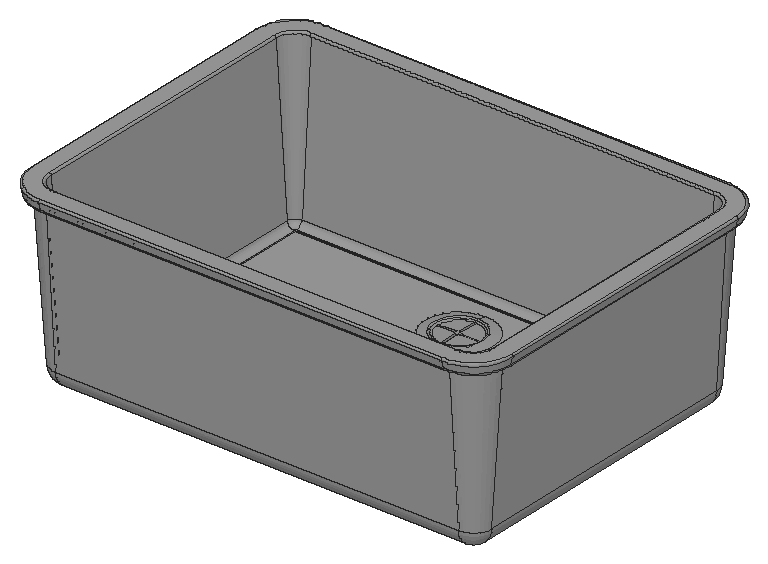
Revit family "Sink_Himacs_CS449RS", category Plumbing Fixtures, Revit 2014
Parameters
  Youtube clip = ""
  Width = 489 mm
  Weight Net (Kg) = "9,15"
  Uniclass 2.0 Description = "Wash Basin Systems"
  Uniclass 2.0 Code = "SS-35-65-70-94"
  Uniclass 1.4 Description = "Washbasins"
  Uniclass 1.4 Code = "L7212"
  UNSPSC Code = "301815"
  Technical description = "http://himacs.eu/includes/pdf/LG_Hausys_sinks_technical_datasheet_2014.pdf"
  Region South America = "None"
  Region Oceania = "None"
  Region North America = "None"
  Region Middle East = "None"
  Region Europe = "AT, BE, BG, CH, CS, CY, CZ, DE, DK, EE, ES, FI, FR, GB, GR, HR, HU, IE, IT, LI, LT, LU, LV, MC, MT, NL, NO, PL, PT, RO, RS, SE, SK, UA"
  Region Asia = "None"
  Region Antarctica = "None"
  Region Africa = "None"
  QR code = "http://himacs.bimobject.com/CS449RS"
  Product group = "Sinks"
  Product family = "Sinks, Baby Baths & Bowls"
  Product data url = "http://himacs.eu/product/cs449rs"
  Product certification = ""
  Product SKU = "CS449RS"
  Nominal width = "489"
  Nominal height = "184"
  NBS Reference Description = "Wash Basin Systems"
  NBS Reference Code = "35-65-70-94"
  Material Secondary = Steel_Himacs_CS449RS_Polished
  Material Main = Natural Acrylic stone_Himacs_CS449RS_S201 Nougat Cream
  Manufacturer name = "HI-MACS"
  Manufacturer country = "Italy"
  Manufacturer URL = "http://himacs.eu"
  Installation instructions = "http://himacs.eu/includes/pdf/HI-MACS_Shape-Installation_UK.pdf"
  IFC Classification = "Furnishing Element"
  Height = 184 mm
  Edition number = "1"
  EAN code = ""
  Design country = "Italy"
  Description = "HI-MACS@ Sinks are produced using a high-quality casting technique. No matter which product you choose from our extensive, eminently combinable selection, all sinks are flush-mounted into the countertop or installed below the surface. Special custom-made creations are also an option."
  Depth = 365 mm
  Date of publishing = "2014-10-09"
  COBIe Type Category = ""
  BIMobject category = "Sanitary"
Reference planes
  plane 1 "Center (Front/Back)": y = 0
  plane 2: z = 0
  plane 3 "Center (Left/Right)": x = 0
  plane 4: x = -244.5
  plane 5: x = 244.5
  plane 6: y = 182.5
  plane 7: y = -182.5
  plane 8: z = 184
Dimensions and locks
  equal spacing: plane 4, plane 3 "Center (Left/Right)", plane 5
  "Width": plane 4 to plane 5
  equal spacing: plane 6, plane 1 "Center (Front/Back)", plane 7
  "Depth": plane 6 to plane 7
  "Height": plane 8 to level
  aligned and locked: level to plane 2
Nested families
  nested 1: "CS449RS" at (0, 0, 0), type "CS449RS"
Definition of nested family "CS449RS"
  Parameters (values of type "CS449RS")
    Youtube clip = ""
    Width = 489 mm
    Weight Net (Kg) = "9,15"
    Uniclass 2.0 Description = "Wash Basin Systems"
    Uniclass 2.0 Code = "SS-35-65-70-94"
    Uniclass 1.4 Description = "Washbasins"
    Uniclass 1.4 Code = "L7212"
    UNSPSC Code = "301815"
    Technical description = "http://himacs.eu/includes/pdf/LG_Hausys_sinks_technical_datasheet_2014.pdf"
    Region South America = "None"
    Region Oceania = "None"
    Region North America = "None"
    Region Middle East = "None"
    Region Europe = "AT, BE, BG, CH, CS, CY, CZ, DE, DK, EE, ES, FI, FR, GB, GR, HR, HU, IE, IT, LI, LT, LU, LV, MC, MT, NL, NO, PL, PT, RO, RS, SE, SK, UA"
    Region Asia = "None"
    Region Antarctica = "None"
    Region Africa = "None"
    QR code = "http://himacs.bimobject.com/CS449RS"
    Product group = "Sinks"
    Product family = "Sinks, Baby Baths & Bowls"
    Product data url = "http://himacs.bimobject.com/CS449RS"
    Product certification = ""
    Product SKU = "CS449RS"
    Nominal width = "489"
    Nominal height = "184"
    NBS Reference Description = "Wash Basin Systems"
    NBS Reference Code = "35-65-70-94"
    Material Secondary = Steel_Himacs_CS449RS_Polished
    Material Main = Natural Acrylic stone_Himacs_CS449RS_S201 Nougat Cream
    Manufacturer name = "HI-MACS"
    Manufacturer country = "Italy"
    Installation instructions = "http://himacs.eu/includes/pdf/HI-MACS_Shape-Installation_UK.pdf"
    IFC Classification = "Furnishing Element"
    Height = 184 mm
    Edition number = "1"
    EAN code = ""
    Design country = "Italy"
    Depth = "365"
    Date of publishing = "2014-10-09"
    COBIe Type Category = ""
    BIMobject category = "Sanitary"
  Reference planes
    plane 1 "Center (Front/Back)": y = 0
    plane 2: z = 0
    plane 3 "Center (Left/Right)": x = 0
    plane 4: x = -244.5
    plane 5: x = 244.5
    plane 6: y = 182.5
    plane 7: y = -182.5
    plane 8: z = 184
  Forms (mm)
    Sweep 1, solid, material "Natural Acrylic stone_Himacs_CS449RS_S201 Nougat Cream" <- "Material Main", detail levels fine
      path origin (0, 0, -56.002) x (1, 0, 0) y (0, 1, 0)
        loop
          arc (-204.5, 182.5) -> (-232.784, 170.784) -> (-244.5, 142.5) r 40
          line (-244.5, 142.5) -> (-244.5, -142.5)
          arc (-244.5, -142.5) -> (-232.784, -170.784) -> (-204.5, -182.5) r 40
          line (-204.5, -182.5) -> (204.5, -182.5)
          arc (204.5, -182.5) -> (232.784, -170.784) -> (244.5, -142.5) r 40
          line (244.5, -142.5) -> (244.5, 142.5)
          arc (244.5, 142.5) -> (232.784, 170.784) -> (204.5, 182.5) r 40
          line (204.5, 182.5) -> (-204.5, 182.5)
      profile origin (0, 182.5, -56.002) x (0, 1, 0) y (0, 0, 1)
        loop
          line (-1.664, 240.002) -> (-18.151, 240.002)
          arc (-18.151, 240.002) -> (-19.515, 239.465) -> (-20.146, 238.142) r 2
          line (-20.146, 238.142) -> (-31.441, 76.616)
          arc (-31.441, 76.616) -> (-33.685, 71.912) -> (-38.533, 70.002) r 7.109
          line (-38.533, 70.002) -> (-39.943, 70.002) -> (-39.943, 56.022)
          arc (-39.943, 56.022) -> (-26.864, 61.679) -> (-20.872, 74.607) r 20
          line (-20.872, 74.607) -> (-10.295, 225.856)
          arc (-10.295, 225.856) -> (-9.349, 227.841) -> (-7.303, 228.647) r 3
          line (-7.303, 228.647) -> (-4.024, 228.647)
          arc (-4.024, 228.647) -> (-2.806, 229.06) -> (-2.092, 230.13) r 2
          line (-2.092, 230.13) -> (-0.021, 237.86)
          arc (-0.021, 237.86) -> (-0.314, 239.337) -> (-1.664, 240.002) r 1.702
    Extrusion 2, void
      sketch origin (0, -26.25, 0) x (1, 0, 0) y (0, 1, 0)
        loop
          circle (0.004, 120.574) r 25
      from -4.639 to 24.113
    Extrusion 3, void
      sketch origin (0, -22.5, 0) x (1, 0, 0) y (0, 1, 0)
        loop
          line (-20.928, 118.294) -> (-20.928, 115.713) -> (-2.928, 115.713) -> (-2.928, 118.294) -> (-20.928, 118.294)
        loop
          line (20.555, 118.294) -> (2.555, 118.294) -> (2.555, 115.713) -> (20.555, 115.713) -> (20.555, 118.294)
        loop
          line (1.104, 138.057) -> (-1.477, 138.057) -> (-1.477, 120.057) -> (1.104, 120.057) -> (1.104, 138.057)
        loop
          line (1.104, 96.262) -> (1.104, 114.262) -> (-1.477, 114.262) -> (-1.477, 96.262) -> (1.104, 96.262)
      from -5.751 to 18
    Extrusion 4, solid, material "Natural Acrylic stone_Himacs_CS449RS_S201 Nougat Cream" <- "Material Main", detail levels fine
      sketch origin (0, 0, 0) x (1, 0, 0) y (0, 1, 0)
        loop
          line (-204.557, 142.557) -> (-204.557, -142.557) -> (204.557, -142.557) -> (204.557, 142.557) -> (-204.557, 142.557)
      from 0 to 14
    Revolve 5, solid, material "Steel_Himacs_CS449RS_Polished" <- "Material Secondary", detail levels fine
      sketch origin (0, 0, 0) x (0, 1, 0) y (0, 0, 1)
        loop
          line (94.324, 11.805) -> (94.324, 14) -> (72.721, 14)
          arc (72.721, 14) -> (71.82, 14.214) -> (71.112, 14.811) r 2
          arc (71.112, 14.811) -> (70.324, 15.45) -> (69.324, 15.627) r 2.028
          arc (69.324, 15.627) -> (64.52, 15.031) -> (59.79, 14) r 53.074
          line (59.79, 14) -> (69.324, 14) -> (69.324, 0) -> (63.196, 0)
          arc (63.196, 0) -> (66.549, -1.238) -> (70.012, -2.121) r 34.407
          arc (70.012, -2.121) -> (70.576, -1.98) -> (70.825, -1.455) r 0.679
          line (70.825, -1.455) -> (70.825, 10.915)
          arc (70.825, 10.915) -> (71.085, 11.544) -> (71.715, 11.805) r 0.89
          line (71.715, 11.805) -> (94.324, 11.805)
        axis (94.324, 15.627) -> (94.324, -2.121)
      angle from 0 to 360
    Extrusion 6, solid, detail levels coarse
      sketch origin (0, 0, 0) x (1, 0, 0) y (0, 1, 0)
        loop
          arc (-244.5, -142.5) -> (-232.784, -170.784) -> (-204.5, -182.5) r 40
          line (-204.5, -182.5) -> (204.5, -182.5)
          arc (204.5, -182.5) -> (232.784, -170.784) -> (244.5, -142.5) r 40
          line (244.5, -142.5) -> (244.5, 142.5)
          arc (244.5, 142.5) -> (232.784, 170.784) -> (204.5, 182.5) r 40
          line (204.5, 182.5) -> (-204.5, 182.5)
          arc (-204.5, 182.5) -> (-232.784, 170.784) -> (-244.5, 142.5) r 40
          line (-244.5, 142.5) -> (-244.5, -142.5)
      from 0 to 187.357
    Sweep 7, solid, detail levels medium
      path origin (0, 0, 0) x (1, 0, 0) y (0, 1, 0)
        loop
          arc (-204.5, 182.5) -> (-232.784, 170.784) -> (-244.5, 142.5) r 40
          line (-244.5, 142.5) -> (-244.5, -142.5)
          arc (-244.5, -142.5) -> (-232.784, -170.784) -> (-204.5, -182.5) r 40
          line (-204.5, -182.5) -> (204.5, -182.5)
          arc (204.5, -182.5) -> (232.784, -170.784) -> (244.5, -142.5) r 40
          line (244.5, -142.5) -> (244.5, 142.5)
          arc (244.5, 142.5) -> (232.784, 170.784) -> (204.5, 182.5) r 40
          line (204.5, 182.5) -> (-204.5, 182.5)
      profile origin (0, 182.5, 0) x (0, 1, 0) y (0, 0, 1)
        loop
          arc (-21.947, 0) -> (-6.428, 6.428) -> (0, 21.947) r 21.947
          line (0, 21.947) -> (0, 169)
          arc (0, 169) -> (-4.393, 179.607) -> (-15, 184) r 15
          line (-15, 184) -> (-18.274, 184)
          arc (-18.274, 184) -> (-23.401, 181.876) -> (-25.525, 176.749) r 7.251
          line (-25.525, 176.749) -> (-25.525, 0) -> (-21.947, 0)
    Extrusion 8, solid, detail levels medium
      sketch origin (0, 0, 0) x (1, 0, 0) y (0, 1, 0)
        loop
          arc (-204.5, 156.975) -> (-214.735, 152.735) -> (-218.975, 142.5) r 14.475
          line (-218.975, 142.5) -> (-218.975, -142.5)
          arc (-218.975, -142.5) -> (-214.735, -152.735) -> (-204.5, -156.975) r 14.475
          line (-204.5, -156.975) -> (204.5, -156.975)
          arc (204.5, -156.975) -> (214.735, -152.735) -> (218.975, -142.5) r 14.475
          line (218.975, -142.5) -> (218.975, 142.5)
          arc (218.975, 142.5) -> (214.735, 152.735) -> (204.5, 156.975) r 14.475
          line (204.5, 156.975) -> (-204.5, 156.975)
      from 0 to 14
  Cuts and joins
    Extrusion 2 cuts Extrusion 4
    Extrusion 3 cuts Revolve 5
  Lines and regions (mm)
    symbolic lines
      curve 1: line (0, 180.923, 184) -> (0, -180.923, 184)
      curve 2: line (0, 182.47, 181.997) -> (0, 180.437, 174.217)
      curve 3: line (0, 178.409, 172.651) -> (0, 175.312, 172.651)
      curve 4: line (0, 172.136, 169.689) -> (0, 161.571, 18.605)
      curve 5: line (0, 141.62, 0) -> (0, 125.452, 0)
      curve 6: arc (0, 125.452, 0) -> (0, 122.01, -1.277) -> (0, 118.442, -2.143) r 31.47
      curve 7: line (0, 118.442, -2.143) -> (0, 70.316, -2.143)
      curve 8: arc (0, 70.316, -2.143) -> (0, 66.687, -1.3) -> (0, 63.196, 0) r 29.075
      curve 9: line (0, 63.196, 0) -> (0, -141.62, 0)
      curve 10: arc (0, 161.571, 18.605) -> (0, 155.26, 5.373) -> (0, 141.62, 0) r 20
      curve 11: arc (0, 175.312, 172.651) -> (0, 173.141, 171.795) -> (0, 172.136, 169.689) r 3.184
      curve 12: arc (0, 180.437, 174.217) -> (0, 179.691, 173.088) -> (0, 178.409, 172.651) r 2.097
      curve 13: arc (0, 180.923, 184) -> (0, 182.189, 183.378) -> (0, 182.47, 181.997) r 1.599
      curve 14: line (0, -182.47, 181.997) -> (0, -180.437, 174.217)
      curve 15: line (0, -178.409, 172.651) -> (0, -175.312, 172.651)
      curve 16: line (0, -172.136, 169.689) -> (0, -161.571, 18.605)
      curve 17: arc (0, -161.571, 18.605) -> (0, -155.26, 5.373) -> (0, -141.62, 0) r 20
      curve 18: arc (0, -175.312, 172.651) -> (0, -173.141, 171.795) -> (0, -172.136, 169.689) r 3.184
      curve 19: arc (0, -180.437, 174.217) -> (0, -179.691, 173.088) -> (0, -178.409, 172.651) r 2.097
      curve 20: arc (0, -180.923, 184) -> (0, -182.189, 183.378) -> (0, -182.47, 181.997) r 1.599
      curve 23: line (-204.5, 182.5, 0) -> (204.5, 182.5, 0)
      curve 24: line (-244.5, -142.5, 0) -> (-244.5, 142.5, 0)
      curve 25: line (204.5, -182.5, 0) -> (-204.5, -182.5, 0)
      curve 26: line (244.5, 142.5, 0) -> (244.5, -142.5, 0)
      curve 27: arc (-244.5, 142.5, 0) -> (-232.784, 170.784, 0) -> (-204.5, 182.5, 0) r 40
      curve 28: arc (-244.5, -142.5, 0) -> (-232.784, -170.784, 0) -> (-204.5, -182.5, 0) r 40
      curve 29: arc (204.5, -182.5, 0) -> (232.784, -170.784, 0) -> (244.5, -142.5, 0) r 40
      curve 30: arc (204.5, 182.5, 0) -> (232.784, 170.784, 0) -> (244.5, 142.5, 0) r 40
      curve 39: arc (0, 128.858, 0) -> (34.534, 94.324, 0) -> (0, 59.79, 0) r 34.534
      curve 40: arc (0, 59.79, 0) -> (-34.534, 94.324, 0) -> (0, 128.858, 0) r 34.534
      curve 59: line (-242.903, 0, 184) -> (242.903, 0, 184)
      curve 60: line (242.409, 0, 174.166) -> (244.49, 0, 181.931)
      curve 61: line (237.059, 0, 172.621) -> (240.397, 0, 172.621)
      curve 62: line (234.249, 0, 170.001) -> (223.662, 0, 18.605)
      curve 63: line (31.128, 0, 0) -> (203.711, 0, 0)
      curve 64: arc (203.711, 0, 0) -> (217.351, 0, 5.373) -> (223.662, 0, 18.605) r 20
      curve 65: arc (234.249, 0, 170.001) -> (235.138, 0, 171.865) -> (237.059, 0, 172.621) r 2.817
      curve 66: arc (240.397, 0, 172.621) -> (241.665, 0, 173.052) -> (242.409, 0, 174.166) r 2.083
      curve 67: arc (242.903, 0, 184) -> (244.206, 0, 183.357) -> (244.49, 0, 181.931) r 1.643
      curve 68: line (-242.409, 0, 174.166) -> (-244.49, 0, 181.931)
      curve 69: line (-237.059, 0, 172.621) -> (-240.397, 0, 172.621)
      curve 70: line (-234.249, 0, 170.001) -> (-223.662, 0, 18.605)
      curve 71: arc (-203.711, 0, 0) -> (-217.351, 0, 5.373) -> (-223.662, 0, 18.605) r 20
      curve 72: arc (-234.249, 0, 170.001) -> (-235.138, 0, 171.865) -> (-237.059, 0, 172.621) r 2.817
      curve 73: arc (-240.397, 0, 172.621) -> (-241.665, 0, 173.052) -> (-242.409, 0, 174.166) r 2.083
      curve 74: arc (-242.903, 0, 184) -> (-244.206, 0, 183.357) -> (-244.49, 0, 181.931) r 1.643
      curve 75: line (-31.128, 0, 0) -> (-203.711, 0, 0)
      curve 76: arc (-24.331, 0, -2.136) -> (-27.787, 0, -1.249) -> (-31.128, 0, 0) r 33.519
      curve 77: line (-24.331, 0, -2.136) -> (24.308, 0, -2.136)
      curve 78: arc (24.308, 0, -2.136) -> (27.766, 0, -1.221) -> (31.128, 0, 0) r 39.987
    symbolic lines, detail levels fine
      curve 21: line (0, 63.196, 0) -> (0, 125.452, 0)
      curve 43: line (-20.928, 95.794, 0) -> (-2.928, 95.794, 0)
      curve 44: line (-2.928, 95.794, 0) -> (-2.928, 93.213, 0)
      curve 45: line (-2.928, 93.213, 0) -> (-20.928, 93.213, 0)
      curve 46: line (-20.928, 93.213, 0) -> (-20.928, 95.794, 0)
      curve 47: line (2.555, 95.794, 0) -> (20.555, 95.794, 0)
      curve 48: line (20.555, 95.794, 0) -> (20.555, 93.213, 0)
      curve 49: line (20.555, 93.213, 0) -> (2.555, 93.213, 0)
      curve 50: line (2.555, 93.213, 0) -> (2.555, 95.794, 0)
      curve 51: line (-1.477, 115.557, 0) -> (-1.477, 97.557, 0)
      curve 52: line (1.104, 115.557, 0) -> (-1.477, 115.557, 0)
      curve 53: line (1.104, 97.557, 0) -> (1.104, 115.557, 0)
      curve 54: line (-1.477, 97.557, 0) -> (1.104, 97.557, 0)
      curve 55: line (-1.477, 91.762, 0) -> (-1.477, 73.762, 0)
      curve 56: line (1.104, 73.762, 0) -> (1.104, 91.762, 0)
      curve 57: line (-1.477, 73.762, 0) -> (1.104, 73.762, 0)
      curve 58: line (1.104, 91.762, 0) -> (-1.477, 91.762, 0)
      curve 79: line (31.128, 0, 0) -> (-31.128, 0, 0)
    symbolic lines, detail levels medium+fine
      curve 22: line (0, 175.312, 172.651) -> (0, -175.312, 172.651)
      curve 31: line (204.5, 162.5, 0) -> (-204.5, 162.5, 0)
      curve 32: arc (-204.5, 162.5, 0) -> (-218.642, 156.642, 0) -> (-224.5, 142.5, 0) r 20
      curve 33: line (-224.5, 142.5, 0) -> (-224.5, -142.5, 0)
      curve 34: arc (-224.5, -142.5, 0) -> (-218.642, -156.642, 0) -> (-204.5, -162.5, 0) r 20
      curve 35: line (-204.5, -162.5, 0) -> (204.5, -162.5, 0)
      curve 36: arc (204.5, -162.5, 0) -> (218.642, -156.642, 0) -> (224.5, -142.5, 0) r 20
      curve 37: line (224.5, -142.5, 0) -> (224.5, 142.5, 0)
      curve 38: arc (224.5, 142.5, 0) -> (218.642, 156.642, 0) -> (204.5, 162.5, 0) r 20
      curve 41: arc (0, 69.324, 0) -> (-25, 94.324, 0) -> (0, 119.324, 0) r 25
      curve 42: arc (0, 119.324, 0) -> (25, 94.324, 0) -> (0, 69.324, 0) r 25
      curve 80: line (-237.059, 0, 172.621) -> (237.059, 0, 172.621)
  Dimensions and locks
    equal spacing: plane 4, plane 3 "Center (Left/Right)", plane 5
    "Width": plane 4 to plane 5
    equal spacing: plane 6, plane 1 "Center (Front/Back)", plane 7
    plane 6 to plane 7 = 365 mm
    "Height": plane 8 to level
    aligned and locked: level to plane 2
    aligned and locked: curve 23 to plane 6
    aligned and locked: plane 4 to curve 24
    aligned and locked: plane 7 to curve 25
    aligned and locked: curve 26 to plane 5
  Automatic sketch dimensions
    Sweep 1 sketch curve to plane 4 = 0 mm
    Sweep 1 sketch curve to plane 7 = 0 mm
    Sweep 1 sketch curve to plane 6 = 0 mm
    Sweep 1 sketch curve to plane 5 = 0 mm
    plane 3 "Center (Left/Right)" to Extrusion 2 sketch curve = 0.004 mm
    Extrusion 3 sketch curve to plane 3 "Center (Left/Right)" = 20.928 mm
    Extrusion 3 sketch curve to plane 3 "Center (Left/Right)" = 2.928 mm
    Extrusion 3 sketch curve to plane 3 "Center (Left/Right)" = 1.477 mm  (x2)
    plane 3 "Center (Left/Right)" to Extrusion 3 sketch curve = 1.104 mm  (x2)
    Extrusion 3 sketch curve to Extrusion 3 sketch curve = 1.451 mm  (x3)
    Extrusion 3 sketch curve to Extrusion 3 sketch curve = 18 mm  (x3)
    Extrusion 3 sketch curve to Extrusion 3 sketch curve = 2.582 mm  (x2)
    Extrusion 3 sketch curve to Extrusion 3 sketch curve = 1.763 mm
    Extrusion 2 sketch curve to plane 6 = 88.176 mm
    Extrusion 3 sketch curve to plane 6 = 108.738 mm
    plane 4 to Sweep 1 sketch curve = 40 mm  (x2)
    Sweep 1 sketch curve to plane 5 = 40 mm  (x2)
    profile plane to Sweep 1 sketch curve = 40.823 mm
    Sweep 1 sketch curve to Sweep 1 sketch curve = 0.881 mm
    Sweep 1 sketch curve to Sweep 1 sketch curve = 2.29 mm
    Sweep 1 sketch curve to Sweep 1 sketch curve = 7.092 mm
    Sweep 1 sketch curve to Sweep 1 sketch curve = 10.57 mm
    profile plane to Sweep 1 sketch curve = 20.146 mm
    Sweep 1 sketch curve to Sweep 1 sketch curve = 1.995 mm
    profile plane to Sweep 1 sketch curve = 10.295 mm
    Sweep 1 sketch curve to Sweep 1 sketch curve = 2.993 mm
    Sweep 1 sketch curve to Sweep 1 sketch curve = 3.279 mm
    Sweep 1 sketch curve to Sweep 1 sketch curve = 1.932 mm
    profile plane to Sweep 1 sketch curve = 1.664 mm
    profile plane to Sweep 1 sketch curve = 0.021 mm
    profile plane to Sweep 1 sketch curve = 56.022 mm
    Sweep 1 sketch curve to Sweep 1 sketch curve = 13.981 mm
    Sweep 1 sketch curve to Sweep 1 sketch curve = 4.605 mm
    Sweep 1 sketch curve to Sweep 1 sketch curve = 0.613 mm
    Sweep 1 sketch curve to Sweep 1 sketch curve = 149.031 mm
    Sweep 1 sketch curve to Sweep 1 sketch curve = 0.209 mm
    Sweep 1 sketch curve to Sweep 1 sketch curve = 1.482 mm
    Sweep 1 sketch curve to Sweep 1 sketch curve = 7.731 mm
    Sweep 1 sketch curve to Sweep 1 sketch curve = 9.355 mm
    Sweep 1 sketch curve to Sweep 1 sketch curve = 0.14 mm
    plane 4 to Extrusion 4 sketch curve = 39.943 mm
    Extrusion 4 sketch curve to plane 6 = 39.943 mm
    plane 7 to Extrusion 4 sketch curve = 39.943 mm
    Extrusion 4 sketch curve to plane 5 = 39.943 mm
    Revolve 5 sketch curve to level = 0 mm
    level to Revolve 5 sketch curve = 14 mm  (x2)
    Revolve 5 sketch curve to plane 1 "Center (Front/Back)" = 59.79 mm
    Revolve 5 sketch curve to Revolve 5 sketch curve = 3.406 mm
    Revolve 5 sketch curve to Revolve 5 sketch curve = 9.534 mm
    Revolve 5 sketch curve to Revolve 5 sketch curve = 0.158 mm
    Revolve 5 sketch curve to Revolve 5 sketch curve = 0.821 mm
    Revolve 5 sketch curve to Revolve 5 sketch curve = 0.679 mm
    Revolve 5 sketch curve to Revolve 5 sketch curve = 0.89 mm
    Revolve 5 sketch curve to Revolve 5 sketch curve = 3.397 mm
    Revolve 5 sketch curve to Revolve 5 sketch curve = 2.625 mm
    Revolve 5 sketch curve to Revolve 5 sketch curve = 4.051 mm
    Revolve 5 sketch curve to Revolve 5 sketch curve = 21.603 mm
    Revolve 5 sketch curve to level = 1.455 mm
    Revolve 5 sketch curve to Revolve 5 sketch curve = 35.831 mm
    Revolve 5 sketch curve to Revolve 5 sketch curve = 3.085 mm
    Revolve 5 sketch curve to Revolve 5 sketch curve = 0.395 mm
    Revolve 5 sketch curve to Revolve 5 sketch curve = 2 mm
    Revolve 5 sketch curve to Revolve 5 sketch curve = 15.616 mm
    Revolve 5 sketch curve to Revolve 5 sketch curve = 0 mm  (x2)
    Revolve 5 sketch curve to Revolve 5 sketch curve = 0.862 mm
    Revolve 5 sketch curve to Revolve 5 sketch curve = 5.9 mm
    curve 1 to plane 8 = 0 mm
    curve 17 to level = 0 mm
    plane 7 to curve 14 = 0.03 mm
    plane 7 to curve 20 = 1.577 mm
    plane 7 to curve 14 = 2.063 mm
    curve 19 to curve 15 = 2.028 mm
    curve 15 to curve 15 = 3.097 mm
    curve 18 to curve 16 = 3.176 mm
    plane 7 to curve 16 = 20.929 mm
    curve 17 to curve 9 = 19.951 mm
    curve 21 to plane 1 "Center (Front/Back)" = 63.196 mm
    curve 7 to level = 2.143 mm
    curve 8 to curve 7 = 7.12 mm
    level to curve 8 = 26.541 mm
    curve 8 to curve 6 = 37.741 mm
    curve 6 to curve 7 = 5.633 mm
    curve 7 to curve 5 = 7.011 mm
    curve 6 to curve 10 = 16.168 mm
    curve 10 to curve 4 = 19.951 mm
    curve 4 to plane 6 = 10.364 mm
    curve 4 to curve 11 = 3.176 mm
    curve 3 to curve 3 = 3.097 mm
    curve 2 to plane 6 = 2.063 mm
    curve 13 to plane 6 = 1.577 mm
    curve 2 to plane 6 = 0.03 mm
    level to curve 4 = 18.605 mm
    level to curve 16 = 18.605 mm
    curve 11 to plane 8 = 14.533 mm
    curve 11 to curve 4 = 0.222 mm
    curve 18 to curve 16 = 0.222 mm
    curve 3 to curve 2 = 1.567 mm
    curve 15 to curve 14 = 1.567 mm
    curve 14 to plane 8 = 2.003 mm
    curve 2 to plane 8 = 2.003 mm
    curve 27 to curve 32 = 0 mm  (x2)
    curve 28 to curve 34 = 0 mm  (x2)
    curve 29 to curve 36 = 0 mm
    curve 30 to curve 38 = 0 mm  (x2)
    curve 28 to curve 33 = 20 mm
    plane 4 to curve 25 = 40 mm
    curve 32 to curve 27 = 20 mm
    curve 35 to curve 37 = 20 mm
    curve 30 to curve 37 = 20 mm
    curve 40 to plane 3 "Center (Left/Right)" = 0 mm
    curve 39 to plane 6 = 88.176 mm
    curve 40 to curve 39 = 34.534 mm
    curve 39 to curve 41 = 0 mm  (x2)
    curve 39 to curve 41 = 9.534 mm
    curve 46 to plane 3 "Center (Left/Right)" = 20.928 mm
    curve 44 to plane 3 "Center (Left/Right)" = 2.928 mm
    curve 44 to curve 39 = 1.111 mm
    plane 3 "Center (Left/Right)" to curve 49 = 2.555 mm
    curve 47 to curve 48 = 18 mm
    curve 48 to curve 39 = 1.111 mm
    curve 49 to curve 50 = 2.582 mm
    curve 52 to plane 3 "Center (Left/Right)" = 1.477 mm
    curve 52 to curve 41 = 3.766 mm
    plane 3 "Center (Left/Right)" to curve 52 = 1.104 mm
    curve 43 to curve 51 = 1.763 mm
    curve 47 to curve 53 = 1.763 mm
    curve 57 to plane 3 "Center (Left/Right)" = 1.477 mm
    plane 3 "Center (Left/Right)" to curve 56 = 1.104 mm
    curve 42 to curve 56 = 4.438 mm
    curve 56 to curve 49 = 1.451 mm
    curve 74 to plane 8 = 0 mm
    curve 71 to level = 0 mm
    plane 4 to curve 68 = 0.01 mm
    plane 4 to curve 74 = 1.597 mm
    plane 4 to curve 68 = 2.091 mm
    curve 73 to curve 69 = 2.012 mm
    curve 73 to curve 72 = 3.338 mm
    curve 72 to curve 70 = 2.81 mm
    plane 4 to curve 70 = 20.838 mm
    curve 71 to curve 75 = 19.951 mm
    curve 79 to plane 3 "Center (Left/Right)" = 31.128 mm
    curve 77 to level = 2.136 mm
    curve 75 to curve 77 = 6.797 mm
    curve 76 to plane 3 "Center (Left/Right)" = 17.738 mm
    plane 3 "Center (Left/Right)" to curve 78 = 15.816 mm
    plane 3 "Center (Left/Right)" to curve 77 = 24.308 mm
    curve 77 to curve 79 = 6.82 mm
    curve 63 to plane 5 = 40.789 mm
    curve 64 to curve 62 = 19.951 mm
    curve 62 to plane 5 = 10.251 mm
    curve 62 to curve 61 = 2.81 mm
    curve 61 to curve 61 = 3.338 mm
    curve 66 to curve 60 = 2.012 mm
    curve 67 to plane 5 = 1.597 mm
    curve 60 to plane 5 = 0.01 mm
    level to curve 70 = 18.605 mm
    level to curve 62 = 18.605 mm
    curve 72 to plane 8 = 14.196 mm
    curve 65 to curve 62 = 0.196 mm
    curve 72 to curve 70 = 0.196 mm
    curve 61 to curve 60 = 1.544 mm
    curve 69 to curve 68 = 1.544 mm
    curve 68 to plane 8 = 2.069 mm
    curve 60 to plane 8 = 2.069 mm
    Extrusion 6 sketch curve to plane 4 = 0 mm
    Extrusion 6 sketch curve to plane 6 = 0 mm
    Extrusion 6 sketch curve to plane 7 = 0 mm
    Extrusion 6 sketch curve to plane 5 = 0 mm
    plane 4 to Extrusion 6 sketch curve = 40 mm
    Extrusion 6 sketch curve to Extrusion 6 sketch curve = 40 mm  (x2)
    Extrusion 6 sketch curve to plane 5 = 40 mm
    Sweep 7 sketch curve to plane 4 = 0 mm
    Sweep 7 sketch curve to plane 6 = 0 mm
    Sweep 7 sketch curve to plane 7 = 0 mm
    Sweep 7 sketch curve to plane 5 = 0 mm
    Sweep 7 sketch curve to Sweep 7 sketch curve = 40 mm  (x3)
    Sweep 7 sketch curve to plane 5 = 40 mm
    Sweep 7 sketch curve to level = 0 mm
    Sweep 7 sketch curve to profile plane = 0 mm
    Sweep 7 sketch curve to Sweep 7 sketch curve = 15 mm
    Sweep 7 sketch curve to Sweep 7 sketch curve = 3.274 mm
    profile plane to Sweep 7 sketch curve = 21.947 mm
    Sweep 7 sketch curve to Sweep 7 sketch curve = 3.578 mm
    Sweep 7 sketch curve to Sweep 7 sketch curve = 147.053 mm
    plane 4 to Extrusion 8 sketch curve = 40 mm
    Extrusion 8 sketch curve to plane 6 = 40 mm
    Extrusion 8 sketch curve to Extrusion 8 sketch curve = 14.475 mm  (x4)
    plane 7 to Extrusion 8 sketch curve = 40 mm
    Extrusion 8 sketch curve to plane 5 = 40 mm
    radius of Extrusion 2 sketch curve = 25 mm
